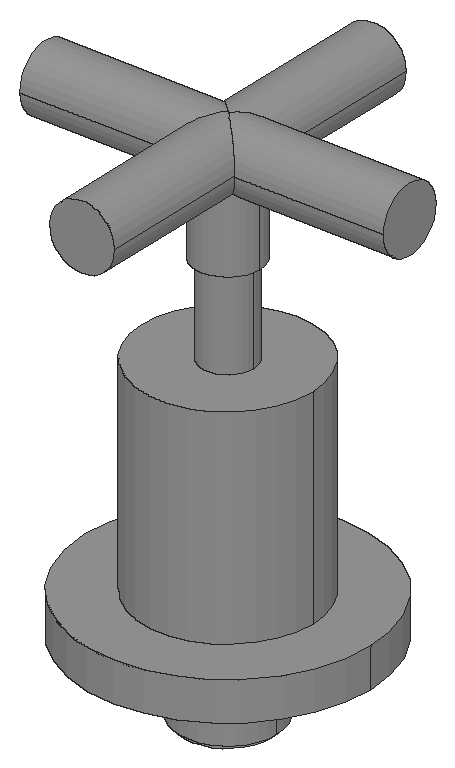
Revit family "Alma-BCROSHMB-Cora Cross Tap Handle-Black", category Plumbing Fixtures, host Face, Revit 2022
Family settings
  Host = Face
  Round Connector Dimension = Use Diameter
  Part Type = Normal
  Cut with Voids When Loaded = No
  Maintain Annotation Orientation = No
  Shared = No
  Room Calculation Point = No
Parameters (values of type "Cora Black")
  URL = "https://www.buildmat.com.au/products/cora-matte-black-cross-tap-handles"
  Model = "BCROSHMB"  # constant formula
  Material = Alma Black
  Manufacturer = "BUILDMAT"  # constant formula
  Description = "Cora Cross Tap Handle"  # constant formula
  Default Elevation = 1219.2 mm
  Created = "22.12.2023"  # constant formula
  Cost = 0
  Brand = "Alma"  # constant formula
Reference planes
  plane 1 "Center (Elevation)": y = 0
  plane 2 "Back": z = 0
  plane 3 "Centro (Izquierda/Derecha)": x = 0
  plane 4 "Left": x = -27.5
  plane 5 "Right": x = 27.5
  plane 6 "Top": y = 27.5
  plane 7 "Bottom": y = -27.5
  plane 8: x = -35
  plane 9: x = 35
  plane 10: y = 35
  plane 11: y = -35
  plane 12 "Front": z = 90
  plane 13: z = 7.5
  plane 14: z = 47.5
  plane 15: z = 83.75
  plane 16: z = 65
  plane 17: z = -5.5
  plane 18: z = -14
  plane 19: z = -15
Forms (mm)
  Extrusion 1, solid, material "Alma Black" <- "Material"
    sketch origin (0, 0, 0) x (0, 1, 0) y (0, 0, 1)
      loop
        circle (0, 83.75) r 6.25
    from -35 to 35
  Extrusion 2, solid, material "Alma Black" <- "Material"
    sketch origin (0, 0, 0) x (1, 0, 0) y (0, 0, 1)
      loop
        circle (0, 83.75) r 6.25
    from -35 to 35
  Extrusion 3, solid, material "Alma Black" <- "Material"
    sketch origin (0, 0, 90) x (1, 0, 0) y (0, 1, 0)
      loop
        circle (0, 0) r 6.25
    from -6.25 to -25
  Extrusion 4, solid, material "Alma Black" <- "Material"
    sketch origin (0, 0, 90) x (1, 0, 0) y (0, 1, 0)
      loop
        circle (-0.015, -0.013) r 5
    from -25 to -42.5
  Extrusion 5, solid, material "Alma Black" <- "Material"
    sketch origin (0, 0, 0) x (1, 0, 0) y (0, 1, 0)
      loop
        circle (-0.015, -0.013) r 16.5
    from 7.5 to 47.5
  Extrusion 6, solid, material "Alma Black" <- "Material"
    sketch origin (0, 0, 0) x (1, 0, 0) y (0, 1, 0)
      loop
        circle (-0.013, 0.015) r 27.487
    from 0 to 7.5
  Extrusion 7, solid, material "Alma Black" <- "Material"
    sketch origin (0, 0, 0) x (1, 0, 0) y (0, 1, 0)
      loop
        circle (-0.015, -0.013) r 8.5
    from 0 to -15
  Extrusion 8, solid, material "Alma Black" <- "Material"
    sketch origin (0, 0, 0) x (1, 0, 0) y (0, 1, 0)
      loop
        circle (0.013, -0.015) r 9.5
    from -5.5 to -14
  Extrusion 9, void
    sketch origin (0, 0, 0) x (1, 0, 0) y (0, 1, 0)
      loop
        circle (0.013, -0.015) r 10
    from 0 to -20
Cuts and joins
  Extrusion 9 cuts Extrusion 3
  joined: Extrusion 1, Extrusion 2, Extrusion 3, Extrusion 4, Extrusion 5, Extrusion 6, Extrusion 7, Extrusion 8
Text (mm)
  text "Refer to www.buildmat.com.au for the most current product literature. \nAllow a +/- 5mm tolerance for dimensions shown in the product literature. \nPlease note product details are subject to change due to ongoing product development." at (0.056, -1035.857, 0), in view "Nivel de referencia"
Dimensions and locks
  equal spacing: plane 6 "Top", plane 1 "Center (Elevation)", plane 7 "Bottom"
  plane 6 "Top" to plane 7 "Bottom" = 55 mm
  equal spacing: plane 4 "Left", plane 3 "Centro (Izquierda/Derecha)", plane 5 "Right"
  plane 4 "Left" to plane 5 "Right" = 55 mm
  plane 8 to plane 9 = 70 mm
  equal spacing: plane 8, plane 3 "Centro (Izquierda/Derecha)", plane 9
  equal spacing: plane 10, plane 1 "Center (Elevation)", plane 11
  plane 10 to plane 11 = 70 mm
  plane 2 "Back" to plane 12 "Front" = 90 mm
  plane 2 "Back" to plane 13 = 7.5 mm
  plane 2 "Back" to plane 14 = 47.5 mm
  plane 15 to plane 12 "Front" = 6.25 mm
  plane 16 to plane 12 "Front" = 25 mm
  plane 19 to plane 2 "Back" = 15 mm
  plane 2 "Back" to plane 17 to plane 18 = 5.5 mm, 8.5 mm
  aligned and locked: plane 2 "Back" to host face
  aligned and locked: level to host face
  aligned and locked: Extrusion 1 to plane 8
  aligned and locked: plane 9 to Extrusion 1
  aligned and locked: plane 10 to Extrusion 2
  aligned and locked: Extrusion 2 to plane 11
  aligned and locked: plane 16 to Extrusion 3
  aligned and locked: Extrusion 3 to plane 15
  aligned and locked: plane 16 to Extrusion 4
  aligned and locked: plane 14 to Extrusion 4
  aligned and locked: plane 13 to Extrusion 5
  aligned and locked: Extrusion 5 to plane 14
  aligned and locked: Extrusion 6 to plane 2 "Back"
  aligned and locked: Extrusion 6 to plane 13
  aligned and locked: plane 19 to Extrusion 7
  aligned and locked: plane 2 "Back" to Extrusion 7
  aligned and locked: plane 18 to Extrusion 8
  aligned and locked: Extrusion 8 to plane 17
  aligned and locked: plane 2 "Back" to Extrusion 9
Automatic sketch dimensions
  host sketch curve to host sketch curve = 2438.4 mm  (x2)
  Extrusion 1 sketch curve to plane 1 "Center (Elevation)" = 0 mm
  plane 12 "Front" to Extrusion 1 sketch curve = 6.25 mm
  Extrusion 2 sketch curve to plane 3 "Centro (Izquierda/Derecha)" = 0 mm
  plane 12 "Front" to Extrusion 2 sketch curve = 6.25 mm
  plane 1 "Center (Elevation)" to Extrusion 3 sketch curve = 0 mm
  Extrusion 3 sketch curve to plane 3 "Centro (Izquierda/Derecha)" = 0 mm
  Extrusion 4 sketch curve to plane 3 "Centro (Izquierda/Derecha)" = 0.015 mm
  plane 1 "Center (Elevation)" to Extrusion 4 sketch curve = 0.013 mm
  Extrusion 5 sketch curve to plane 3 "Centro (Izquierda/Derecha)" = 0.015 mm
  plane 1 "Center (Elevation)" to Extrusion 5 sketch curve = 0.013 mm
  Extrusion 6 sketch curve to plane 3 "Centro (Izquierda/Derecha)" = 0.013 mm
  Extrusion 6 sketch curve to plane 1 "Center (Elevation)" = 0.015 mm
  Extrusion 7 sketch curve to plane 3 "Centro (Izquierda/Derecha)" = 0.015 mm
  plane 1 "Center (Elevation)" to Extrusion 7 sketch curve = 0.013 mm
  plane 3 "Centro (Izquierda/Derecha)" to Extrusion 8 sketch curve = 0.013 mm
  plane 1 "Center (Elevation)" to Extrusion 8 sketch curve = 0.015 mm
  plane 3 "Centro (Izquierda/Derecha)" to Extrusion 9 sketch curve = 0.013 mm
  plane 1 "Center (Elevation)" to Extrusion 9 sketch curve = 0.015 mm
  radius of Extrusion 1 sketch curve = 6.25 mm
  radius of Extrusion 2 sketch curve = 6.25 mm
  radius of Extrusion 3 sketch curve = 6.25 mm
  radius of Extrusion 4 sketch curve = 5 mm
  radius of Extrusion 5 sketch curve = 16.5 mm
  radius of Extrusion 6 sketch curve = 27.487 mm
  radius of Extrusion 7 sketch curve = 8.5 mm
  radius of Extrusion 8 sketch curve = 9.5 mm
  radius of Extrusion 9 sketch curve = 10 mm
